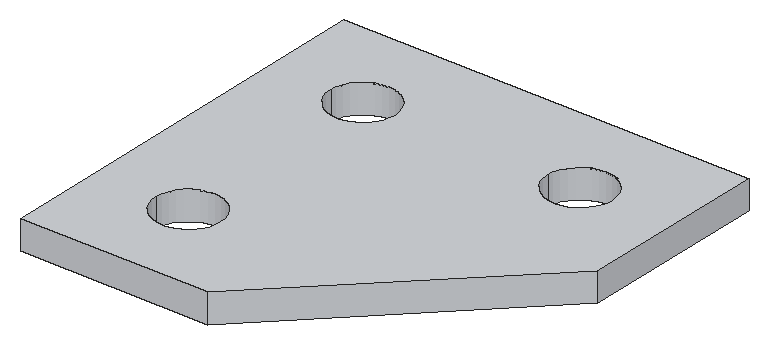
Revit family "Fitting-Flat_Plate-Unistrut-P1334", category Specialty Equipment, Revit 2012
Parameters (values of type "P1334")
  ecoScorecard_data = "http://products.ecoscorecard.com/atkore/P1334"
  ecoScorecard Product Page = "http://products.ecoscorecard.com/atkore/P1334?action=html"
  Weight Per Piece = 0.70 lbf
  Unit = none
  Unistrut Part Number = "P1334"  # constant formula
  URL = "http://unistrut.us/index.php"
  Thickness = 0' - 0 1/4"  # constant formula
  Subcategory = "Flat Plate Fittings"  # constant formula
  Product Page URL = "http://unistrut.us/index.php?WP=cat_detail&S=S05&P=P1334"
  Power Strut Part Number = "PS 744"  # constant formula
  Part Type = "Fitting"  # constant formula
  Overall Width = 0' - 3 1/2"  # constant formula
  Overall Length = 0' - 3 1/2"  # constant formula
  Model = "P1334"  # constant formula
  Material = ""
  Manufacturer Phone - Toll Free = "800-882-5543"  # constant formula
  Manufacturer Phone = "708-339-1610"  # constant formula
  Manufacturer Fax = "708-339-7814"  # constant formula
  Manufacturer Email = "mailto:jshaw@atkore.com"
  Manufacturer Address = "16100 South Lathrop Avenue, Harvey, IL 60426"  # constant formula
  Manufacturer = "Unistrut by Atkore International"  # constant formula
  Load Capacity Note = "Visit the product page for load application and capacity."  # constant formula
  Literature URL = "http://unistrut.us/index.php?WP=LItLibrary"
  Hole Diameter = 0' - 0 9/16"
  Cost Info = "mailto:jshaw@atkore.com"
  CAD URL = "http://unistrut.us/index.php?WP=CAD3d"
  Assembly Code = "D5020100"
  95 CSI = "16070"  # constant formula
  04 CSI = "26 05 48"  # constant formula
Reference planes (in)
  plane 1 "Center (Front/Back)": y = 0
  plane 2: z = 0
  plane 3 "Center (Left/Right)": x = 0
  plane 4: y = 1.75
  plane 5: y = -1.75
  plane 6: x = -1.75
  plane 7: x = 1.75
  plane 8: z = 0.25
  plane 9: x = 0.94005
  plane 10: y = 0.94277
  plane 11: y = -0.94277
  plane 12: x = -0.94005
Dimensions and locks (in)
  equal spacing: plane 6, plane 3 "Center (Left/Right)", plane 7
  "Overall Length": plane 6 to plane 7
  equal spacing: plane 4, plane 1 "Center (Front/Back)", plane 5
  "Overall Width": plane 4 to plane 5
  "Thickness": plane 8 to plane 2
  aligned and locked: level to plane 2
  aligned and locked: plane 1 "Center (Front/Back)" to nested 1
  aligned and locked: plane 3 "Center (Left/Right)" to nested 1
Nested families (in)
  nested 1: "1334" at (0, 0, 0), type "1334"
Definition of nested family "1334"
  Parameters (values of type "P1334")
    Width = 0' - 3 1/2"
    Unit = none
    Thickness = 0' - 0 1/4"
    Radiuis = Diameter / 2  # 0' - 0 9/32"
    Length = 0' - 3 1/2"
    Diameter = 0' - 0 9/16"
  Reference planes (in)
    plane 1 "Center (Front/Back)": y = 0
    plane 2: z = 0
    plane 3 "Center (Left/Right)": x = 0
    plane 4: y = 1.75
    plane 5: y = -1.75
    plane 6: x = -1.75
    plane 7: x = 1.75
    plane 8: z = 0.25
    plane 9: through (1.75, 0.125, 48) normal (-0.7071, 0.7071, 0)
  Forms (in)
    Extrusion 1, solid, material <- "Unit"
      sketch origin (0, 0, 0) x (1, 0, 0) y (0, 1, 0)
        loop
          line (-1.75, 1.75) -> (-1.75, -1.75) -> (-0.125, -1.75) -> (1.75, 0.125) -> (1.75, 1.75) -> (-1.75, 1.75)
        loop
          circle (-0.94005, 0.94277) r 0.28125
        loop
          circle (0.94005, 0.94277) r 0.28125
        loop
          circle (-0.94005, -0.94277) r 0.28125
      from 0 to 0.25
  Dimensions and locks (in)
    equal spacing: plane 6, plane 3 "Center (Left/Right)", plane 7
    "Length": plane 6 to plane 7
    equal spacing: plane 4, plane 1 "Center (Front/Back)", plane 5
    "Width": plane 4 to plane 5
    "Thickness": plane 8 to plane 2
    locked: plane 6 to Extrusion 1 sketch curve at 0.80995  (x2)
    locked: plane 4 to Extrusion 1 sketch curve at 0.80723
    locked: Extrusion 1 sketch curve to plane 7 at 0.80995
    plane 4 to Extrusion 1 sketch curve = 0' - 0.80723"
    locked: plane 5 to Extrusion 1 sketch curve at 0.80723
    "Radiuis": radius of Extrusion 1 sketch curve  (x2)
    locked: plane 4 to plane 9 (angle 45.00°)
    locked: plane 9 to plane 6 (angle 45.00°)
    aligned and locked: level to plane 2
    aligned and locked: Extrusion 1 sketch curve to plane 4
    aligned and locked: Extrusion 1 sketch curve to plane 6
    aligned and locked: plane 5 to Extrusion 1 sketch curve
    aligned and locked: Extrusion 1 sketch curve to plane 9
    aligned and locked: plane 7 to Extrusion 1 sketch curve
    aligned and locked: Extrusion 1 to plane 2
    aligned and locked: plane 8 to Extrusion 1
  Automatic sketch dimensions
    radius of Extrusion 1 sketch curve = 0' - 0 9/32"
